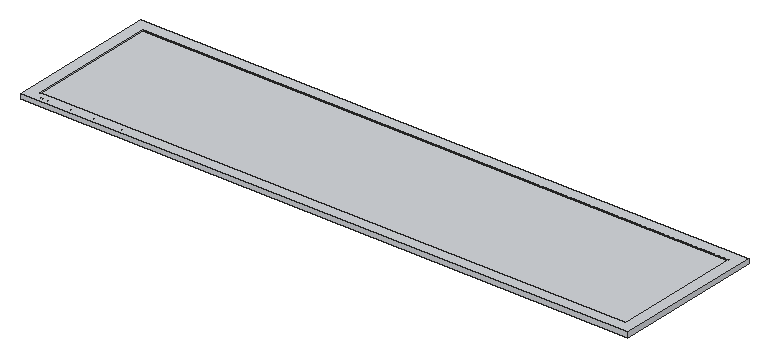
Revit family "1195x295_START Panel Backlit UGR19", category Lighting Fixtures, host Face, Revit 2017
Family settings
  Host = Face
  Round Connector Dimension = Use Diameter
  Part Type = Normal
  OmniClass Number = 23.80.70.00
  OmniClass Title = Lighting
  Cut with Voids When Loaded = No
  Light Source = Yes
  Shared = No
  Room Calculation Point = No
Parameters (values of type "0042394 ST PANEL UGR19 1200X300 3600LM 830 SSA")
  Weight = "4.59 kg"
  Wattage Comments = ""
  Wattage = 36 W
  WarrantyStartDate [instance] = "n/a"
  WarrantyGuarantorParts = "n/a"
  WarrantyDurationUnit = "n/a"
  WarrantyDurationParts = "n/a"
  WarrantyDescription = "n/a"
  WIDTH_SYL = 147.5 mm
  built-in parameter 1150110 = 1 (stored number, unit not read)
  Voltage = 0 V
  URL = "http://www.sylvania-lighting.com"
  TypeName = "START Panel UGR19 1200x300 3600Lm 830 SSA"
  Type Image = <None>
  Type Comments = "n/a"
  built-in parameter 1114217 = 1 (stored number, unit not read)
  Tilt Angle = -90.00°
  built-in parameter 1150109 = 1 (stored number, unit not read)
  built-in parameter 1150134 = (empty or 0)
  TOP__WIDTH_SYL = 545 mm
  TOP_WIDTH_SYL = 265 mm
  TOP_DEPTH_SYL = 95 mm
  built-in parameter 1150113 = 1 (stored number, unit not read)
  SerialNumber [instance] = "n/a"
  Photometric Web File = "0042394.ies"
  Material_3_SYL = none
  PowerFactor = 0.95
  PowerConsumption = "36 W"
  NominalLength = 1195 mm
  NominalHeight = 35 mm
  NominalDepth = 295 mm
  Name = "START Panel UGR19 1200x300 3600Lm 830 SSA"
  ModelReference = Name  # "START Panel UGR19 1200x300 3600Lm 830 SSA"
  ModelNumber = "0042394"
  Model = Name  # "START Panel UGR19 1200x300 3600Lm 830 SSA"
  Material = "aluminium,steel housing, other diffuser"
  ManufacturerName = "Feilo Sylvania"
  Manufacturer = "Feilo Sylvania"
  MAINHEIGHT_SYL = 63 mm
  LuminousEfficacy = "100 lm/W"
  built-in parameter 1150105 = 286.48 (stored number, unit not read)
  Lumens = 3600 lm
  LuminaireType = ""
  built-in parameter 1150115 = 1 (stored number, unit not read)
  LightOutputRatio = "n/a"
  built-in parameter 1150137 = (empty or 0)
  built-in parameter 1150139 = (empty or 0)
  LampsType = Lamp  # "LED"
  LampNominalLuminous = "3600 lm"
  LampMacAdamStep = "6"
  LampColourTemperature = "3000 K"
  LampColourRenderingIndex = "80"
  built-in parameter 1150112 = 1 (stored number, unit not read)
  built-in parameter 1150114 = 1 (stored number, unit not read)
  Lamp = "LED"
  LUMWIDTH_SYL = 576.5 mm
  LUMDEPTH_SYL = 126.5 mm
  Keynote = "16500"
  InstallationDate [instance] = "n/a"
  InputVoltage = "n/a"
  InputNominalFrequency = "n/a"
  built-in parameter 1150132 = (empty or 0)
  built-in parameter 1150102 = (empty or 0)
  built-in parameter 1150107 = 3000 (stored number, unit not read)
  built-in parameter 1150138 = (empty or 0)
  IngressProtection = "IP40/20"
  ImpactProtectionIndex = "IK03"
  built-in parameter 1150106 = 2.8648 (stored number, unit not read)
  IfcExportType = "IfcLightFixtureType"
  IfcExportAs = "IfcLightFixtureType"
  HEIGHT_SYL = 33 mm
  HEIGHTBOTT_SYL = 7 mm
  Emit from Circle Diameter = 609.6 mm
  Emit Shape Visible in Rendering = no
  ElectricShockClassification = "Class II"
  built-in parameter 1150104 = 9.2903 (stored number, unit not read)
  DocumentationLiterature = "http://www.sylvania-lighting.com/product/en-int/products/0042394"
  DimmingControlOptions = "n/a"
  Material_2_SYL = none
  Dimming Lamp Color Temperature Shift = <None>
  Description = "START Panel is a range of backlit LED panels used in recessed ceilings. Ideal for general indoor appliactions such as corridors, breakrooms, offices and meeting rooms. Luminaire dimensions are compatible with common ceiling installation, and the shallow design makes it easy to install in low ceilings. 3600Lm; 36W; 100Lm/W; Drive current: 750mA; Average life: 50000Hrs; 3000K; CRI 80; Glare control <19; IK03; IP40 (from the front); SDCM<3; Class II; SylSmart SSA enabled."
  Default Elevation = 1219.2 mm
  DEPTH_SYL = 597.5 mm
  CreatedOn = "9/9/2020"
  CreatedBy = "@sylvania-lighting.com"
  Cost = 0
  Color Filter = 16777215
  built-in parameter 1114216 [instance] = (empty or 0)
  ClassificationValue = "EF_70_80"
  ClassificationName = "Uniclass2015"
  Material_1_SYL = none
  BarCode [instance] = "n/a"
  built-in parameter 1114218 = 1 (stored number, unit not read)
  BOX_WIDTH_SYL = 40 mm
  built-in parameter 1150133 = 10 (stored number, unit not read)
  AssetType = "Fixed"
  AssetIdentifier [instance] = "n/a"
  Assembly Code = "D5020200"
  Apparent Load = 36 VA
  Material_4_SYL = none
  -LUMDEPTH_SYL = LUMDEPTH_SYL * (-1)  # -126.5 mm
  -BOX_WIDTH_SYL = BOX_WIDTH_SYL * (-1)  # -40 mm
Types (2, lengths in mm): name | TypeName | built-in parameter 1150134 | Photometric Web File | Name | ModelReference | ModelNumber | Model | LuminousEfficacy | built-in parameter 1150105 | Lumens | LampNominalLuminous | LampColourTemperature | built-in parameter 1150107 | built-in parameter 1150106 | built-in parameter 1150104 | DocumentationLiterature | Description
  0042394 ST PANEL UGR19 1200X300 3600LM 830 SSA | "START Panel UGR19 1200x300 3600Lm 830 SSA" | (empty or 0) | "0042394.ies" | "START Panel UGR19 1200x300 3600Lm 830 SSA" | "START Panel UGR19 1200x300 3600Lm 830 SSA" | "0042394" | "START Panel UGR19 1200x300 3600Lm 830 SSA" | "100 lm/W" | 286.48 (stored number, unit not read) | 3600 lm | "3600 lm" | "3000 K" | 3000 (stored number, unit not read) | 2.8648 (stored number, unit not read) | 9.2903 (stored number, unit not read) | "http://www.sylvania-lighting.com/product/en-int/products/0042394" | "START Panel is a range of backlit LED panels used in recessed ceilings. Ideal for general indoor appliactions such as corridors, breakrooms, offices and meeting rooms. Luminaire dimensions are compatible with common ceiling installation, and the shallow design makes it easy to install in low ceilings. 3600Lm; 36W; 100Lm/W; Drive current: 750mA; Average life: 50000Hrs; 3000K; CRI 80; Glare control <19; IK03; IP40 (from the front); SDCM<3; Class II; SylSmart SSA enabled."
  0042395 ST PANEL UGR19 1200X300 3800LM 840 SSA | "START Panel UGR19 1200x300 3800Lm 840 SSA" | 12 | "0042395.ies" | "START Panel UGR19 1200x300 3800Lm 840 SSA" | "START Panel UGR19 1200x300 3800Lm 840 SSA" | "0042395" | "START Panel UGR19 1200x300 3800Lm 840 SSA" | "106 lm/W" | 303.67 (stored number, unit not read) | 3816 lm | "3800 lm" | "4000 K" | 4000 (stored number, unit not read) | 3.0367 (stored number, unit not read) | 9.8477 (stored number, unit not read) | "http://www.sylvania-lighting.com/product/en-int/products/0042395" | "START Panel is a range of backlit LED panels used in recessed ceilings. Ideal for general indoor appliactions such as corridors, breakrooms, offices and meeting rooms. Luminaire dimensions are compatible with common ceiling installation, and the shallow design makes it easy to install in low ceilings. 3800Lm; 36W; 106Lm/W; Drive current: 750mA; Average life: 50000Hrs; 4000K; CRI 80; Glare control <19; IK03; IP40 (from the front); SDCM<3; Class II; SylSmart SSA enabled."
Reference planes
  plane 1 "Center (Front/Back)": y = 0
  plane 2: z = 0
  plane 3 "Center (Left/Right)": x = 0
  plane 4: z = -33
  plane 5: z = -7
  plane 6: z = -63
  plane 7: x = 597.5
  plane 8: x = -597.5
  plane 9: y = 147.5
  plane 10: y = -147.5
  plane 11: x = 576.5
  plane 12: x = -576.5
  plane 13: y = -126.5
  plane 14: y = 126.5
  plane 15: y = -265
  plane 16: y = 265
  plane 17: x = -40
  plane 18: x = 40
  plane 19: x = 0
  plane 20: x = -545
  plane 21: x = 545
  plane 22: y = -95
  plane 23: y = 95
Forms (mm)
  Extrusion 1, solid
    sketch origin (0, 0, 0) x (1, 0, 0) y (0, 1, 0)
      loop
        line (-597.5, 147.5) -> (-597.5, -147.5) -> (597.5, -147.5) -> (597.5, 147.5) -> (-597.5, 147.5)
    from -7 to 2
  Extrusion 2, void
    sketch origin (0, 0, 0) x (1, 0, 0) y (0, 1, 0)
      loop
        line (-576.5, 126.5) -> (-576.5, -126.5) -> (576.5, -126.5) -> (576.5, 126.5) -> (-576.5, 126.5)
    from 0 to 2
  Extrusion 3, solid
    sketch origin (0, 0, 0) x (1, 0, 0) y (0, 0, 1)
      loop
        line (-40, -33) -> (-40, -63) -> (40, -63) -> (40, -33) -> (-40, -33)
    from -40 <- "-BOX_WIDTH_SYL" to 40 <- "BOX_WIDTH_SYL"
  Extrusion 4, solid
    sketch origin (0, 0, 0) x (1, 0, 0) y (0, 0, 1)
      loop
        line (-576.5, -7) -> (-545, -33) -> (545, -33) -> (576.5, -7) -> (-576.5, -7)
    from -126.5 <- "-LUMDEPTH_SYL" to 126.5 <- "LUMDEPTH_SYL"
  Extrusion 5, void
    sketch origin (319, 1524, 1219.2) x (0, 1, 0) y (0, 0, 1)
      loop
        line (-1397.5, -1226.2) -> (-1429, -1252.2) -> (-1397.5, -1252.2) -> (-1397.5, -1226.2)
      loop
        line (-1650.5, -1226.2) -> (-1650.5, -1252.2) -> (-1619, -1252.2) -> (-1650.5, -1226.2)
    from -1000 to 1000
Cuts and joins
  Extrusion 2 cuts Extrusion 1
  Extrusion 5 cuts Extrusion 4
  joined: Extrusion 1, Extrusion 3, Extrusion 4
Dimensions and locks
  "HEIGHT_SYL": host face to plane 4
  "HEIGHTBOTT_SYL": host face to plane 5
  "MAINHEIGHT_SYL": host face to plane 6
  "DEPTH_SYL": plane 8 to plane 3 "Center (Left/Right)" to plane 7
  "WIDTH_SYL": plane 10 to plane 1 "Center (Front/Back)" to plane 9
  "LUMWIDTH_SYL": plane 12 to plane 3 "Center (Left/Right)" to plane 11
  "LUMDEPTH_SYL": plane 13 to plane 1 "Center (Front/Back)" to plane 14
  "TOP_WIDTH_SYL": plane 16 to imposter light to plane 15
  "BOX_WIDTH_SYL": plane 17 to imposter light to plane 18
  "TOP__WIDTH_SYL": plane 20 to imposter light to plane 21
  "TOP_DEPTH_SYL": plane 23 to imposter light to plane 22
  aligned and locked: plane 2 to host face
  aligned and locked: level to host face
  aligned and locked: Extrusion 1 sketch curve to plane 9
  aligned and locked: plane 8 to Extrusion 1 sketch curve
  aligned and locked: Extrusion 1 sketch curve to plane 10
  aligned and locked: Extrusion 1 sketch curve to plane 7
  aligned and locked: plane 14 to Extrusion 2 sketch curve
  aligned and locked: plane 12 to Extrusion 2 sketch curve
  aligned and locked: Extrusion 2 sketch curve to plane 13
  aligned and locked: Extrusion 2 sketch curve to plane 11
  aligned and locked: plane 4 to Extrusion 3 sketch curve
  aligned and locked: Extrusion 3 sketch curve to plane 17
  aligned and locked: Extrusion 3 sketch curve to plane 6
  aligned and locked: plane 18 to Extrusion 3 sketch curve
Automatic sketch dimensions
  host sketch curve to host sketch curve = 2438.4 mm  (x2)
  Extrusion 4 sketch curve to plane 5 = 0 mm
  Extrusion 4 sketch curve to plane 12 = 0 mm
  Extrusion 4 sketch curve to plane 4 = 0 mm
  plane 20 to Extrusion 4 sketch curve = 0 mm
  plane 21 to Extrusion 4 sketch curve = 0 mm
  Extrusion 4 sketch curve to plane 11 = 0 mm
  Extrusion 5 sketch curve to plane 13 = 0 mm
  plane 4 to Extrusion 5 sketch curve = 0 mm  (x2)
  Extrusion 5 sketch curve to plane 22 = 0 mm
  Extrusion 5 sketch curve to plane 23 = 0 mm
  Extrusion 5 sketch curve to plane 14 = 0 mm
  plane 5 to Extrusion 5 sketch curve = 0 mm  (x2)
